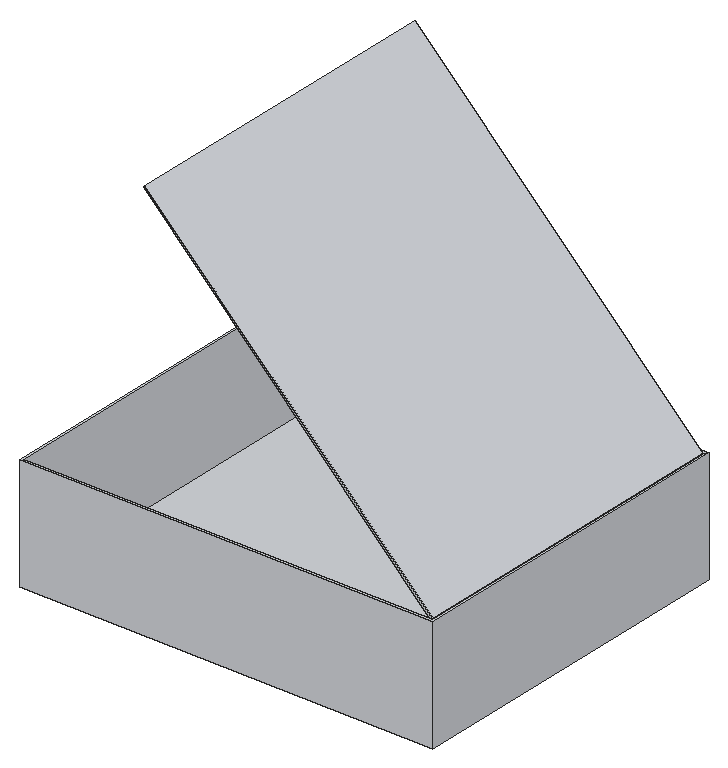
Revit family "Univers-IP41-leer-Aufputz-AT-de", category Electrical Equipment, host Face, Revit 2020
Family settings
  Host = Face
  Panel Configuration = Two Columns, Circuits Across
  Round Connector Dimension = Use Diameter
  Part Type = Panelboard
  Cut with Voids When Loaded = No
  Shared = No
  Room Calculation Point = No
Parameters (values of type "Aufputz IP41 B540 H450 T148 0 Teilungseinheiten - FB3008SN")
  Width Control [instance] = if([HG000006 - Unterputz], if([EF000846 - Einbaubreite] > min_whd, [EF000846 - Einbaubreite], min_whd), if([EF000008 - Breite] > min_whd, ([EF000008 - Breite]), min_whd))  # 540 mm
  Void Depth [instance] = if([HG000006 - Unterputz], Depth Control, 1 mm)  # 1 mm
  Type Comments = [HG000003 - Bereich]  # "Univers"
  System Height [instance] = Height Control - 2 * [HG000005 - Dicke]  # 444 mm
  Model = [HG000004 - Herstellerreferenz]  # "FB3008SN"
  HG000011 - Leere Reihen von unten = no
  HG000010 - Asymmetrische Türen = no
  HG000009 - Doppelflügeligen Tür = no
  HG000008 - Anzahl der leeren Reihen = 0
  HG000007 - Anzahl der leeren Spalten = 0
  HG000006 - Unterputz = no
  HG000005 - Dicke = 3 mm  # constant formula
  HG000004 - Herstellerreferenz = "FB3008SN"
  HG000003 - Bereich = "Univers"
  HG000002 - Mit tür = yes
  HG000001 - Anzahl der Spalten = 0
  EF015941 - Signaldurchlassende Tür = no
  EF015777 - Neutralleiterklemmenblock = no
  EF015776 - Erdungsklemmenblock = no
  EF009212 - Ausführung Deckel = "EV000116 - geschlossen"
  EF006306 - Mit Schloss = no
  EF006244 - Transparenter Deckel/Tür = no
  EF005474 - Schutzart (IP) = "EV006416 - IP41"
  EF004462 - Art der Schließung = "0"
  EF002950 - Breite in Teilungseinheiten = 0
  EF001596 - Werkstoff des Gehäuses = "EV000154 - sonstige"
  EF001134 - DIN-Schiene = no
  EF001131 - Innentiefe = 84 mm
  EF001088 - Anbaumöglichkeit = no
  EF001062 - EMV-Ausführung = no
  EF000846 - Einbaubreite = 300 mm
  EF000339 - Art der Abdeckung = "EV004216 - Tür"
  EF000332 - Einbauhöhe = 0 mm
  EF000266 - Anzahl der Reihen = 0
  EF000218 - Einbautiefe = 84 mm
  EF000118 - Mit Montageplatte = no
  EF000116 - RAL-Nummer = "9010"
  EF000049 - Tiefe = 148 mm
  EF000040 - Höhe = 450 mm
  EF000008 - Breite = 540 mm
  EF000007 - Farbe = "EV000202 - weiß"
  EF000003 - Montageart = "EV000384 - Aufputz"
  Arrow Offset [instance] = Depth Control / 8  # 18.5 mm
  Arrow Height [instance] = Depth Control - Arrow Offset  # 129.5 mm
  Host Offset [instance] = if([HG000006 - Unterputz], 0 mm, [EF000049 - Tiefe])  # 148 mm
  min_whd [instance] = (2 * [HG000005 - Dicke]) + 1 mm  # 7 mm
  Manufacturer = "Hager"  # constant formula
  Height Control [instance] = if([HG000006 - Unterputz], if([EF000332 - Einbauhöhe] > min_whd, [EF000332 - Einbauhöhe], min_whd), if([EF000040 - Höhe] > min_whd, ([EF000040 - Höhe]), min_whd))  # 450 mm
  Flush Mounted - Door Frame Width [instance] = if(([EF000040 - Höhe] - [EF000332 - Einbauhöhe]) > 0 mm, if([HG000006 - Unterputz], [EF000040 - Höhe] - [EF000332 - Einbauhöhe], 0 mm), 0 mm)  # 0 mm
  Tür rechts [instance] = yes
  Tür links [instance] = not(Tür rechts)  # no
  Türschwenkwinkel [instance] = 45.00°
  3D-Türsichtbarkeit [instance] = yes
  Depth Control [instance] = if([HG000006 - Unterputz], if([EF000218 - Einbautiefe] > 0 mm, [EF000218 - Einbautiefe], 1 mm), if([EF000049 - Tiefe] > 0 mm, ([EF000049 - Tiefe]), 1 mm))  # 148 mm
  Default Elevation = 0 mm
  Sichtbarkeit der Türöffnung [instance] = no
Types (3, lengths in mm): name | Width Control | System Height | Model | HG000004 - Herstellerreferenz | EF004462 - Art der Schließung | EF000846 - Einbaubreite | EF000049 - Tiefe | EF000040 - Höhe | EF000008 - Breite | Arrow Offset | Arrow Height | Host Offset | Height Control | Depth Control
  Aufputz IP41 B350 H350 T128 0 Teilungseinheiten - FB2008LN | 350 | 344 | "FB2008LN" | "FB2008LN" | "EV000154 - sonstige" | 200 | 128 | 350 | 350 | 16 | 112 | 128 | 350 | 128
  Aufputz IP41 B450 H450 T128 0 Teilungseinheiten - FB3008LN | 450 | 444 | "FB3008LN" | "FB3008LN" | "EV000154 - sonstige" | 300 | 128 | 450 | 450 | 16 | 112 | 128 | 450 | 128
  Aufputz IP41 B540 H450 T148 0 Teilungseinheiten - FB3008SN | 540 | 444 | "FB3008SN" | "FB3008SN" | "0" | 300 | 148 | 450 | 540 | 18.5 | 129.5 | 148 | 450 | 148
Reference planes
  plane 1 "Center (Front/Back)": y = 0
  plane 2: z = 0
  plane 3 "Center (Left/Right)": x = 0
  plane 4: z = 148
  plane 5: y = 3
  plane 6: z = 143
  plane 7: y = 225
  plane 8: y = 0
  plane 9: y = 450
  plane 10: z = 0
  plane 11: x = -270
  plane 12: x = 270
  plane 13: x = 267
  plane 14: x = -267
  plane 15: y = 447
  plane 16: z = 3
  plane 17: z = 145
  plane 18: z = -1
  plane 19: z = 145
Forms (mm)
  Extrusion 1, solid
    sketch origin (-583.045, 0, 1219.2) x (-1, 0, 0) y (0, 0, 1)
      loop
        line (-313.045, -1071.2) -> (-853.045, -1071.2) -> (-853.045, -1219.2) -> (-313.045, -1219.2) -> (-313.045, -1071.2)
    from 0 to 450 <- "Height Control"
  Extrusion 2, void
    sketch origin (-381.607, -4572, 148) x (0, -1, 0) y (-1, 0, 0)
      loop
        line (-5019, -114.607) -> (-5019, -648.607) -> (-4575, -648.607) -> (-4575, -114.607) -> (-5019, -114.607)
    from 0 to 145
  Extrusion 3, void
    sketch origin (0, 0, 0) x (1, 0, 0) y (0, 1, 0)
      loop
        line (-270, 0) -> (270, 0) -> (270, 450) -> (-270, 450) -> (-270, 0)
    from -1 to 1
  Extrusion 4, solid, detail levels coarse
    sketch origin (-381.607, -4572, 148) x (-1, 0, 0) y (0, -1, 0)
      loop
        line (-114.607, -5019) -> (-114.607, -4575) -> (-648.607, -4575) -> (-648.607, -5019) -> (-114.607, -5019)
    from 0 to -3
Cuts and joins
  Extrusion 2 cuts Extrusion 1
Dimensions and locks
  plane 4 to plane 6 = 5 mm
  "Host Offset": plane 4 to host face
  "Flush Mounted - Door Frame Width": plane 1 "Center (Front/Back)" to plane 8
  "HG000005 - Dicke": plane 5 to plane 8
  locked: connector elem to plane 3 "Center (Left/Right)"
  "Height Control": plane 9 to plane 8
  equal spacing: plane 9, plane 7, plane 8
  locked: connector elem to plane 7
  "Depth Control": plane 4 to plane 10
  "HG000005 - Dicke": plane 11 to plane 14
  "HG000005 - Dicke": plane 12 to plane 13
  equal spacing: plane 11, plane 3 "Center (Left/Right)", plane 12
  "Width Control": plane 11 to plane 12
  "Arrow Offset": nested 4 to plane 10
  "HG000005 - Dicke": plane 9 to plane 15
  "HG000005 - Dicke": plane 16 to plane 10
  "HG000005 - Dicke": plane 4 to plane 17
  "Void Depth": plane 2 to plane 18
  "HG000005 - Dicke": plane 4 to plane 19
  aligned and locked: plane 2 to host face
  aligned and locked: level to host face
  aligned and locked: plane 3 "Center (Left/Right)" to nested 2
  aligned and locked: nested 2 to plane 4
  aligned and locked: nested 2 to plane 8
  aligned and locked: nested 1 to plane 6
  aligned and locked: nested 1 to plane 5
  aligned and locked: nested 4 to plane 11
  aligned and locked: nested 3 to plane 4
  aligned and locked: Extrusion 1 sketch curve to plane 12
  aligned and locked: Extrusion 1 sketch curve to plane 11
  aligned and locked: nested 3 to plane 10
  aligned and locked: plane 10 to Extrusion 1 sketch curve
  aligned and locked: Extrusion 2 sketch curve to plane 5
  aligned and locked: Extrusion 2 sketch curve to plane 15
  aligned and locked: Extrusion 2 sketch curve to plane 14
  aligned and locked: Extrusion 2 sketch curve to plane 13
  aligned and locked: plane 11 to Extrusion 3 sketch curve
  aligned and locked: plane 9 to Extrusion 3 sketch curve
  aligned and locked: Extrusion 3 sketch curve to plane 8
  aligned and locked: plane 12 to Extrusion 3 sketch curve
  aligned and locked: nested 3 to plane 12
  aligned and locked: Extrusion 3 to plane 18
  aligned and locked: Extrusion 2 to plane 16
  aligned and locked: Extrusion 1 sketch curve to plane 4
  aligned and locked: Extrusion 4 to plane 17
  aligned and locked: Extrusion 4 sketch curve to plane 15
  aligned and locked: Extrusion 4 sketch curve to plane 13
  aligned and locked: Extrusion 4 sketch curve to plane 14
  aligned and locked: Extrusion 4 sketch curve to plane 5
Automatic sketch dimensions
  host sketch curve to host sketch curve = 1469.727 mm
  host sketch curve to host sketch curve = 1318.837 mm
Nested families
  nested 1: "Hager_Enclosure_System" at (0, 3, 143) x (1, 0, 0) z (0, 1, 0), Depth <- "HG000005 - Dicke", Height <- "System Height", Width <- "EF000008 - Breite", Border <- "HG000005 - Dicke", Flush_Mounted <- "HG000006 - Unterputz", Built-in_Width <- "EF000846 - Einbaubreite", Row_Module_Multiplicator <- "EF002950 - Breite in Teilungseinheiten", Total_No_Empty_Rows <- "HG000008 - Anzahl der leeren Reihen", Total_No_Rows <- "EF000266 - Anzahl der Reihen", Empty_Columns <- "HG000007 - Anzahl der leeren Spalten", No_Rows <- "EF000266 - Anzahl der Reihen", No_Columns <- "HG000001 - Anzahl der Spalten", Width_Control <- "Width Control", Empty_Rows_From_Bottom <- "HG000011 - Leere Reihen von unten", type "Hager_Enclosure_System", detail levels medium+fine
    with Width_Control 540 mm, Width 540 mm, Total_No_Rows 0, Total_No_Empty_Rows 0, Total_No_Columns 1, System_Width 534 mm, Rows_Column 0, Row_Module_Multiplicator 0, Panel_4 no, Panel_3 no, Panel_2 no, Panel_1 no, No_Rows 0, No_Panels_Ctrl 1, No_Columns 0, Hide_Columns yes, Height 444 mm, Flush_Mounted no, Empty_Rows_From_Bottom no, Empty_Rows_Column 0, Empty_Columns 0, Depth 3 mm, Column_Width 534 mm, Built-in_Width 300 mm, Border 3 mm
  nested 2: "Hager_Enclosure_Door" at (0, 0, 148) x (1, 0, 0) z (0, 1, 0), Border <- "HG000005 - Dicke", Door_Right <- "Tür rechts", Flush_Mounted <- "HG000006 - Unterputz", Depth <- "EF000049 - Tiefe", Width <- "EF000008 - Breite", Door_Left <- "Tür links", 3d_Door <- "3D-Türsichtbarkeit", BuiltIn_Width <- "EF000846 - Einbaubreite", BuiltIn_Height <- "EF000332 - Einbauhöhe", BuiltIn_Depth <- "EF000218 - Einbautiefe", Angle <- "Türschwenkwinkel", Assymetrical <- "HG000010 - Asymmetrische Türen", Double <- "HG000009 - Doppelflügeligen Tür", Clearance <- "Sichtbarkeit der Türöffnung", Transparent <- "EF006244 - Transparenter Deckel/Tür", Door <- "HG000002 - Mit tür", Height_Ctrl <- "Height Control", Width_Ctrl <- "Width Control", Height <- "EF000040 - Höhe", type "Hager_Enclosure_Door", detail levels medium+fine
    with min_wh 7 mm, Width_Ctrl 540 mm, Width 540 mm, Transparent no, Leaf_Width 531 mm, Leaf_Tolerance 1.5 mm, Leaf_Height 441 mm, Leaf_2_Width 531 mm, Leaf_2_Offset 265.5 mm, Leaf_1_Width 531 mm, Leaf_1_Offset 265.5 mm, Height_Ctrl 450 mm, Height 450 mm, Frame_Width_Ctrl 240 mm, Frame_Width 240 mm, Frame_Internal_Offset 0 mm, Frame_Height_Ctrl 450 mm, Frame_Height 450 mm, Frame_Depth_Ctrl 1 mm, Frame_Depth 0 mm, Flush_Mounted no, Double_Clearance_Ctrl no, Double no, Door_Right_Ctrl yes, Door_Right yes, Door_Left_Ctrl no, Door_Left no, Door yes, Depth 148 mm, Clearance_Depth 531 mm, Clearance_Ctrl no, Clearance no, BuiltIn_Width 300 mm, BuiltIn_Height 0 mm, BuiltIn_Depth 84 mm, Border 3 mm, Assymetrical no, Angle 45.00°, 3d_Door yes
  nested 3: "Hager_Enclosure_Symbol_Triangle" at (-270, 0, 0) x (1, 0, 0) z (0, -1, 0), Depth <- "Depth Control", Width <- "Width Control", type "Hager_Enclosure_Symbol_Triangle"
    with Width_Ctrl 540 mm, Width 540 mm, Depth_Ctrl 148 mm, Depth 148 mm
  nested 4: "Hager_Enclosure_Symbol_Arrow" at (-270, 0, 18.5) x (1, 0, 0) z (0, -1, 0), Height <- "Arrow Height", type "Hager_Enclosure_Symbol_Arrow"
    with Width_Inside 9.713 mm, Width 116.55 mm, Height_Ctrl 129.5 mm, Height 129.5 mm
Connectors
  electrical at (0, 225, 0)
    settings: on plane 10, index 1, voltage 0 V, apparent load 0 VA, apparent load phase1 0 VA, apparent load phase2 0 VA, apparent load phase3 0 VA, power factor 1, load classification "Other", number of poles 1, system type 30, power factor state 1, is connector primary yes, connector utility no, sub classification motor no, connector description ""
Definition of nested family "Hager_Enclosure_Door"
  Parameters (values of type "Hager_Enclosure_Door")
    min_wh [instance] = (2 * Border) + 1 mm  # 11 mm
    Width_Ctrl [instance] = 400 mm
    Width [instance] = 500 mm
    Transparent [instance] = yes
    Leaf_Width [instance] = if((Width_Ctrl - 2 * Border - 2 * Leaf_Tolerance) > 0 mm, (Width_Ctrl - 2 * Border - 2 * Leaf_Tolerance), min_wh)  # 387 mm
    Leaf_Tolerance [instance] = 1.5 mm  # constant formula
    Leaf_Height [instance] = if((Height_Ctrl - 2 * Border - 2 * Leaf_Tolerance) > 0 mm, (Height_Ctrl - 2 * Border - 2 * Leaf_Tolerance), min_wh)  # 387 mm
    Leaf_2_Width [instance] = if(and(and(Double, Assymetrical), Door_Left), (Leaf_Width / 3) - (Leaf_Tolerance / 2), if(and(and(Double, Assymetrical), Door_Right), (Leaf_Width / 3) * 2 - (Leaf_Tolerance / 2), if(and(Double, not(Assymetrical)), (Leaf_Width / 2) - Leaf_Tolerance, Leaf_Width)))  # 192 mm
    Leaf_2_Offset [instance] = if(and(Double, Assymetrical), Leaf_2_Width / 2, if(and(Double, not(Assymetrical)), Leaf_Width / 4, Leaf_Width / 2))  # 96.75 mm
    Leaf_1_Width [instance] = if(and(and(Double, Assymetrical), Door_Right), (Leaf_Width / 3) - (Leaf_Tolerance / 2), if(and(and(Double, Assymetrical), Door_Left), (Width / 3) * 2 - (Leaf_Tolerance / 2), if(and(Double, not(Assymetrical)), (Leaf_Width / 2) - Leaf_Tolerance, Leaf_Width)))  # 192 mm
    Leaf_1_Offset [instance] = if(and(Double, Assymetrical), Leaf_1_Width / 2, if(and(Double, not(Assymetrical)), Leaf_Width / 4, Leaf_Width / 2))  # 96.75 mm
    Height_Ctrl [instance] = 400 mm
    Height [instance] = 500 mm
    Frame_Width_Ctrl [instance] = if(Frame_Width > 0 mm, Frame_Width, 1 mm)  # 1 mm
    Frame_Width [instance] = Width - BuiltIn_Width  # 0 mm
    Frame_Internal_Offset [instance] = if(Flush_Mounted, Border, 0 mm)  # 0 mm
    Frame_Height_Ctrl [instance] = if(Frame_Height > 0 mm, Frame_Height, 1 mm)  # 1 mm
    Frame_Height [instance] = Height - BuiltIn_Height  # 0 mm
    Frame_Depth_Ctrl [instance] = if(Frame_Depth > 0 mm, Frame_Depth, 1 mm)  # 1 mm
    Frame_Depth [instance] = if(Depth - BuiltIn_Depth > 0 mm, if(Flush_Mounted, Depth - BuiltIn_Depth, 0 mm), 0 mm)  # 0 mm
    Flush_Mounted [instance] = no
    Double_Clearance_Ctrl [instance] = and(Double, Clearance)  # yes
    Double [instance] = yes
    Door_Right_Ctrl [instance] = and(or(Door_Right, Double), Door)  # yes
    Door_Right [instance] = yes
    Door_Left_Ctrl [instance] = and(or(Door_Left, Double), Door)  # yes
    Door_Left [instance] = no
    Door [instance] = yes
    Depth [instance] = 500 mm
    Default Elevation = 1219.2 mm
    Clearance_Material = none
    Clearance_Depth [instance] = if(Leaf_1_Width > Leaf_2_Width, Leaf_1_Width, Leaf_2_Width)  # 192 mm
    Clearance_Ctrl [instance] = and(not(Double), Clearance)  # no
    Clearance [instance] = yes
    BuiltIn_Width [instance] = 500 mm
    BuiltIn_Height [instance] = 500 mm
    BuiltIn_Depth [instance] = 500 mm
    Border [instance] = 5 mm
    Assymetrical [instance] = no
    Angle [instance] = 65.00°
    3d_Door [instance] = yes
  Reference planes
    plane 1 "Center (Front/Back)": y = 0
    plane 2 "Bottom": z = 0
    plane 3 "Center (Left/Right)": x = 0
    plane 4: z = 400
    plane 5: x = -200
    plane 6: x = 200
    plane 7: z = 395
    plane 8: x = -195
    plane 9: z = 5
    plane 10: x = 195
    plane 11: y = 0
    plane 12: z = 6.5
    plane 13: x = -387
    plane 14: y = -192
    plane 15: x = 387
    plane 16: x = -96.75
    plane 17: x = 96.75
    plane 18: x = -193.5
    plane 19: x = 193.5
    plane 20: z = 393.5
  Forms (mm)
    Extrusion 1, solid, visible <- "Flush_Mounted"
      sketch origin (0, 0, 0) x (1, 0, 0) y (0, 0, 1)
        loop
          line (200, 0) -> (200, 400) -> (-200, 400) -> (-200, 0) -> (200, 0)
        loop
          line (-201, 401) -> (-201, -1) -> (201, -1) -> (201, 401) -> (-201, 401)
      from 0 to 1 <- "Frame_Depth_Ctrl"
    Extrusion 2, solid, material <- "Clearance_Material", visible <- "Double_Clearance_Ctrl"
      sketch origin (1200, 0, 0) x (1, 0, 0) y (0, 0, -1)
        loop
          line (-1587, -393.5) -> (-813, -393.5) -> (-813, 0) -> (-1587, 0) -> (-1587, -393.5)
      from 0 to -192
  Dimensions and locks
    equal spacing: plane 5, plane 3 "Center (Left/Right)", plane 6
    "Width_Ctrl": plane 5 to plane 6
    "Border": plane 5 to plane 8
    "Border": plane 6 to plane 10
    "Border": plane 9 to level
    "Border": plane 4 to plane 7
    "Height_Ctrl": plane 4 to level
    "Leaf_Tolerance": plane 12 to plane 9
    "Frame_Depth": plane 11 to plane 1 "Center (Front/Back)"
    "Frame_Width_Ctrl": plane 5 to Extrusion 1 sketch curve
    "Frame_Width_Ctrl": plane 6 to Extrusion 1 sketch curve
    "Frame_Width_Ctrl": Extrusion 1 sketch curve to plane 4
    "Frame_Width_Ctrl": plane 2 "Bottom" to Extrusion 1 sketch curve
    "Leaf_1_Offset": plane 18 to plane 16
    "Leaf_2_Offset": plane 17 to plane 19
    "Leaf_1_Width": plane 13 to plane 8
    "Leaf_2_Width": plane 10 to plane 15
    "Clearance_Depth": plane 14 to plane 1 "Center (Front/Back)"
    "Leaf_Tolerance": plane 8 to plane 18
    "Leaf_Tolerance": plane 19 to plane 10
    "Leaf_Tolerance": plane 7 to plane 20
    "Frame_Internal_Offset": plane 5 to Extrusion 1 sketch curve
    "Frame_Internal_Offset": Extrusion 1 sketch curve to plane 2 "Bottom"
    "Frame_Internal_Offset": plane 6 to Extrusion 1 sketch curve
    "Frame_Internal_Offset": plane 4 to Extrusion 1 sketch curve
    aligned and locked: level to plane 2 "Bottom"
    aligned and locked: nested 1 to plane 16
    aligned and locked: nested 2 to plane 17
    aligned and locked: Extrusion 2 to plane 13
    aligned and locked: plane 15 to Extrusion 2
    aligned and locked: Extrusion 2 to plane 14
    aligned and locked: plane 12 to nested 1
    aligned and locked: nested 2 to plane 12
    aligned and locked: Extrusion 2 to plane 11
    aligned and locked: plane 20 to Extrusion 2
    aligned and locked: nested 2 to plane 11
    aligned and locked: nested 1 to plane 11
  Automatic sketch dimensions
    Extrusion 2 sketch curve to level = 0 mm
    plane 5 to Extrusion 2 sketch curve = 187 mm
    plane 6 to Extrusion 2 sketch curve = 187 mm
    Extrusion 2 sketch curve to plane 4 = 6.5 mm
  Nested families
    nested 1: "Hager_Enclosure_Door_Leaf" at (-96.75, 0, 6.5), Width <- "Leaf_1_Width", visible <- "Door_Left_Ctrl", Leaf_Height <- "Leaf_Height", Angle <- "Angle", Depth <- "Border", 3d_Door <- "3d_Door", Transparent <- "Transparent", Clearance Material <- "Clearance_Material", Clearance <- "Clearance_Ctrl", type "Hager_Enclosure_Door_Leaf"
      with Width 192 mm, Transparent_Door_Border 25 mm, Transparent_Ctrl yes, Transparent yes, Standard no, Leaf_Height 387 mm, Glass_Offset 1 mm, Depth 5 mm, Clearance Material none, Clearance no, Angle_Ctrl 65.00°, Angle 65.00°, 3d_Door yes
    nested 2: "Hager_Enclosure_Door_Leaf" at (96.75, 0, 6.5) x (-1, 0, 0) z (0, 0, 1), Width <- "Leaf_2_Width", visible <- "Door_Right_Ctrl", Leaf_Height <- "Leaf_Height", Angle <- "Angle", Depth <- "Border", 3d_Door <- "3d_Door", Transparent <- "Transparent", Clearance Material <- "Clearance_Material", Clearance <- "Clearance_Ctrl", type "Hager_Enclosure_Door_Leaf"
      with Width 192 mm, Transparent_Door_Border 25 mm, Transparent_Ctrl yes, Transparent yes, Standard no, Leaf_Height 387 mm, Glass_Offset 1 mm, Depth 5 mm, Clearance Material none, Clearance no, Angle_Ctrl 65.00°, Angle 65.00°, 3d_Door yes
  Definition of nested family "Hager_Enclosure_Door_Leaf"
    Parameters (values of type "Hager_Enclosure_Door_Leaf")
      Width [instance] = 200 mm
      Transparent_Door_Border [instance] = 25 mm  # constant formula
      Transparent_Ctrl [instance] = and(Transparent, [3d_Door])  # yes
      Transparent [instance] = yes
      Standard [instance] = and(not(Transparent), [3d_Door])  # no
      Leaf_Height [instance] = 500 mm
      Glass_Offset [instance] = if((Depth - 10 mm) / 2 > 0 mm, (Depth - 10 mm) / 2, 1 mm)  # 1 mm
      Glass_Material = none
      Depth [instance] = 3 mm
      Default Elevation = 0 mm
      Clearance Material [instance] = none
      Clearance [instance] = no
      Angle_Ctrl [instance] = if(Angle > 170.00°, 170.00°, Angle)  # 163.00°
      Angle [instance] = 163.00°
      3d_Door [instance] = yes
    Reference planes
      plane 1 "Center (Front/Back)": y = 0
      plane 2: z = 0
      plane 3 "Center (Left/Right)": x = 0
      plane 4: y = 200
      plane 5: x = -100
      plane 6: x = 100
      plane 7: x = -300
      plane 8: z = 500
      plane 9: z = 25
      plane 10: z = 475
      plane 11: x = 75
      plane 12: x = -75
    Forms (mm)
      Extrusion 1, solid, material <- "Clearance Material", visible <- "Clearance"
        sketch origin (0, 0, 0) x (1, 0, 0) y (0, 0, 1)
          loop
            line (-300, 500) -> (-300, 0) -> (100, 0) -> (100, 500) -> (-300, 500)
        from 0 to -200
      Extrusion 2, solid, visible <- "Standard", detail levels fine
        sketch origin (-100, 0, 0) x (-0.956305, 0.292372, 0) y (-0.292372, -0.956305, 0)
          loop
            line (0, -3) -> (200, -3) -> (200, 0) -> (0, 0) -> (0, -3)
        from 0 to 500 <- "Leaf_Height"
      Extrusion 3, solid, visible <- "Transparent_Ctrl", detail levels fine
        sketch origin (-100, 0, 0) x (-0.956305, 0.292372, 0) y (-0.292372, -0.956305, 0)
          loop
            line (0, -3) -> (200, -3) -> (200, 0) -> (0, 0) -> (0, -3)
        from 0 to 500 <- "Leaf_Height"
      Extrusion 4, void, detail levels fine
        sketch origin (-100, 0, 0) x (-0.292372, -0.956305, 0) y (-0.956305, 0.292372, 0)
          loop
            line (0, 25) -> (0, 175) -> (-3, 175) -> (-3, 25) -> (0, 25)
        from -475 to -25
      Extrusion 5, solid, material <- "Glass_Material", visible <- "Transparent_Ctrl", detail levels fine
        sketch origin (-100, 0, 0) x (-0.956305, 0.292372, 0) y (-0.292372, -0.956305, 0)
          loop
            line (25, -1) -> (25, -2) -> (175, -2) -> (175, -1) -> (25, -1)
        from 25 to 475
    Cuts and joins
      Extrusion 4 cuts Extrusion 3
    Lines and regions (mm)
      symbolic lines
        curve 1: line (100, 0, 0) -> (-300, 0, 0)
        curve 2: arc (100, 0, 0) -> (-100, 200, 0) -> (-300, 0, 0) r 200
        curve 4: line (-100, 0, 0) -> (-291.261, 58.474, 0)
      reference lines
        curve 3: line (-100, 0, 0) -> (-291.261, 58.474, 0)
      symbolic lines, detail levels medium+fine
        curve 5: line (-291.261, 58.474, 0) -> (-290.384, 61.343, 0)
        curve 6: line (-290.384, 61.343, 0) -> (-99.123, 2.869, 0)
        curve 7: line (-99.123, 2.869, 0) -> (-100, 0, 0)
      symbolic lines, detail levels fine
        curve 8: line (-100, 0, 500) -> (100, 0, 500)
        curve 9: line (-100, 0, 0) -> (-100, 0, 500)
        curve 10: line (100, 0, 0) -> (-100, 0, 0)
        curve 11: line (100, 0, 500) -> (100, 0, 0)
      symbolic lines, visible <- "Transparent_Ctrl", detail levels fine
        curve 12: line (-75, 0, 475) -> (75, 0, 475)
        curve 13: line (-75, 0, 25) -> (-75, 0, 475)
        curve 14: line (75, 0, 25) -> (-75, 0, 25)
        curve 15: line (75, 0, 475) -> (75, 0, 25)
    Dimensions and locks
      "Width": plane 1 "Center (Front/Back)" to plane 4
      equal spacing: plane 5, plane 3 "Center (Left/Right)", plane 6
      "Width": plane 5 to plane 6
      "Width": plane 7 to plane 5
      "Leaf_Height": plane 8 to level
      "Depth": curve 6 to curve 3
      "Width": curve 5 to curve 3
      "Width": curve 3 to curve 3
      "Transparent_Door_Border": Extrusion 4 sketch curve to curve 7
      "Transparent_Door_Border": Extrusion 4 sketch curve to curve 5
      "Transparent_Door_Border": plane 8 to plane 10
      "Transparent_Door_Border": plane 9 to level
      "Glass_Offset": Extrusion 5 sketch curve to curve 4
      "Glass_Offset": Extrusion 5 sketch curve to curve 6
      "Transparent_Door_Border": Extrusion 5 sketch curve to curve 5
      "Transparent_Door_Border": Extrusion 5 sketch curve to curve 7
      "Transparent_Door_Border": plane 12 to plane 5
      "Transparent_Door_Border": plane 6 to plane 11
      "Angle_Ctrl": angle plane 1 "Center (Front/Back)" to curve 3
      aligned and locked: level to plane 2
      aligned and locked: Extrusion 1 to curve 1
      aligned and locked: plane 6 to Extrusion 1
      aligned and locked: plane 1 "Center (Front/Back)" to Extrusion 1
      aligned and locked: plane 4 to Extrusion 1
      aligned and locked: plane 8 to Extrusion 1
      aligned and locked: curve 4 to curve 3
      aligned and locked: Extrusion 2 sketch curve to curve 7
      aligned and locked: Extrusion 2 sketch curve to curve 6
      aligned and locked: Extrusion 2 sketch curve to curve 5
      aligned and locked: Extrusion 2 sketch curve to curve 3
      aligned and locked: curve 7 to Extrusion 3 sketch curve
      aligned and locked: Extrusion 3 sketch curve to curve 4
      aligned and locked: Extrusion 3 sketch curve to curve 6
      aligned and locked: Extrusion 3 sketch curve to curve 5
      aligned and locked: curve 4 to Extrusion 4 sketch curve
      aligned and locked: curve 6 to Extrusion 4 sketch curve
      aligned and locked: Extrusion 4 to plane 9
      aligned and locked: Extrusion 4 to plane 10
      aligned and locked: Extrusion 5 to plane 9
      aligned and locked: Extrusion 5 to plane 10
      aligned and locked: curve 8 to plane 8
      aligned and locked: plane 5 to curve 9
      aligned and locked: plane 2 to curve 10
      aligned and locked: curve 11 to plane 6
      aligned and locked: plane 10 to curve 12
      aligned and locked: plane 12 to curve 13
      aligned and locked: plane 9 to curve 14
      aligned and locked: plane 11 to curve 15
    Automatic sketch dimensions
      plane 1 "Center (Front/Back)" to curve 2 = 0 mm
      curve 2 to plane 5 = 0 mm
      Extrusion 1 sketch curve to level = 0 mm
      Extrusion 1 sketch curve to plane 7 = 0 mm
      Extrusion 1 sketch curve to plane 6 = 0 mm
      Extrusion 1 sketch curve to plane 8 = 0 mm
      plane 1 "Center (Front/Back)" to curve 3 = 0 mm
      curve 3 to plane 5 = 0 mm
      curve 7 to curve 3 = 0 mm
Definition of nested family "Hager_Enclosure_Symbol_Triangle"
  Parameters (values of type "Hager_Enclosure_Symbol_Triangle")
    Width_Ctrl [instance] = if(Width > 1 mm, Width, 1 mm)  # 498 mm
    Width [instance] = 498 mm
    Depth_Ctrl [instance] = if(Depth > 1 mm, Depth, 1 mm)  # 72 mm
    Depth [instance] = 72 mm
  Reference planes
    plane 1 "Centre (avant/arrière)": y = 0
    plane 2: z = 0
    plane 3 "Centre (gauche/droite)": x = 0
  Lines and regions (mm)
    Filled region 1, type "Solid_Black", in view "Niveau de réf."
      outline origin (0, 0, 0) x (1, 0, 0) y (0, 1, 0)
        loop
          line (0, 0) -> (498, 0) -> (498, 72) -> (0, 0)
    reference lines, in view "Niveau de réf."
      curve 1: line (-206.153, 72, 0) -> (1083.258, 72, 0)
      curve 2: line (498, 405.456, 0) -> (498, -517.619, 0)
  Dimensions and locks
    "Depth_Ctrl": plane 1 "Centre (avant/arrière)" to curve 1
    "Width_Ctrl": plane 3 "Centre (gauche/droite)" to curve 2
    aligned and locked: curve 1 to Filled region 1 sketch curve
    aligned and locked: Filled region 1 sketch curve to plane 1 "Centre (avant/arrière)"
    aligned and locked: curve 2 to Filled region 1 sketch curve
    aligned and locked: plane 3 "Centre (gauche/droite)" to Filled region 1 sketch curve
    aligned and locked: plane 1 "Centre (avant/arrière)" to Filled region 1 sketch curve
  Automatic sketch dimensions
    curve 1 to plane 3 "Centre (gauche/droite)" = 206.153 mm
    curve 2 to curve 1 = 585.258 mm
    plane 1 "Centre (avant/arrière)" to curve 2 = 517.619 mm
    curve 2 to plane 1 "Centre (avant/arrière)" = 405.456 mm
Definition of nested family "Hager_Enclosure_Symbol_Arrow"
  Parameters (values of type "Hager_Enclosure_Symbol_Arrow")
    Width_Inside [instance] = if(Width / 12 > 2 mm, Width / 12, 2 mm)  # 4.987 mm
    Width [instance] = if(Height_Ctrl * 0.9 > 2 mm, Height_Ctrl * 0.9, 2 mm)  # 59.85 mm
    Height_Ctrl [instance] = if(Height > 2 mm, Height, 2 mm)  # 66.5 mm
    Height [instance] = 66.5 mm
  Reference planes
    plane 1 "Centre (avant/arrière)": y = 0
    plane 2: z = 0
    plane 3 "Centre (gauche/droite)": x = 0
    plane 4: x = 59.85
    plane 5: y = 28.263
    plane 6: y = 38.238
    plane 7: y = 66.5
    plane 8: x = 29.925
    plane 9: y = 33.25
  Lines and regions (mm)
    Filled region 1, type "Solid_Black", in view "Niveau de réf."
      outline origin (0, 0, 0) x (1, 0, 0) y (0, 1, 0)
        loop
          line (59.85, 66.5) -> (37.929, 52.827) -> (51.846, 41.935) -> (59.85, 66.5)
    detail lines, in view "Niveau de réf."
      curve 1: line (0, 0, 0) -> (29.925, 38.238, 0)
      curve 2: line (29.925, 38.238, 0) -> (29.925, 28.263, 0)
      curve 3: line (29.925, 28.263, 0) -> (59.85, 66.5, 0)
  Dimensions and locks
    "Width": plane 3 "Centre (gauche/droite)" to plane 4
    "Height_Ctrl": plane 7 to plane 1 "Centre (avant/arrière)"
    equal spacing: plane 3 "Centre (gauche/droite)", plane 8, plane 4
    equal spacing: plane 7, plane 9, plane 1 "Centre (avant/arrière)"
    equal spacing: plane 6, plane 9, plane 5
    "Width_Inside": plane 6 to plane 9
    equal spacing: curve 3, Filled region 1 sketch curve, Filled region 1 sketch curve
    angle Filled region 1 sketch curve to curve 3 = 20.00°
    angle curve 3 to Filled region 1 sketch curve = 20.00°
    locked: curve 3 to Filled region 1 sketch curve (angle 90.00°)
  Automatic sketch dimensions
    plane 1 "Centre (avant/arrière)" to curve 1 = 0 mm
    curve 1 to plane 3 "Centre (gauche/droite)" = 0 mm
    curve 2 to plane 6 = 0 mm
    curve 3 to plane 8 = 0 mm
    curve 3 to plane 4 = 0 mm
    curve 2 to plane 5 = 0 mm
    curve 3 to plane 7 = 0 mm
    Filled region 1 sketch curve to plane 4 = 0 mm
    Filled region 1 sketch curve to plane 7 = 0 mm
